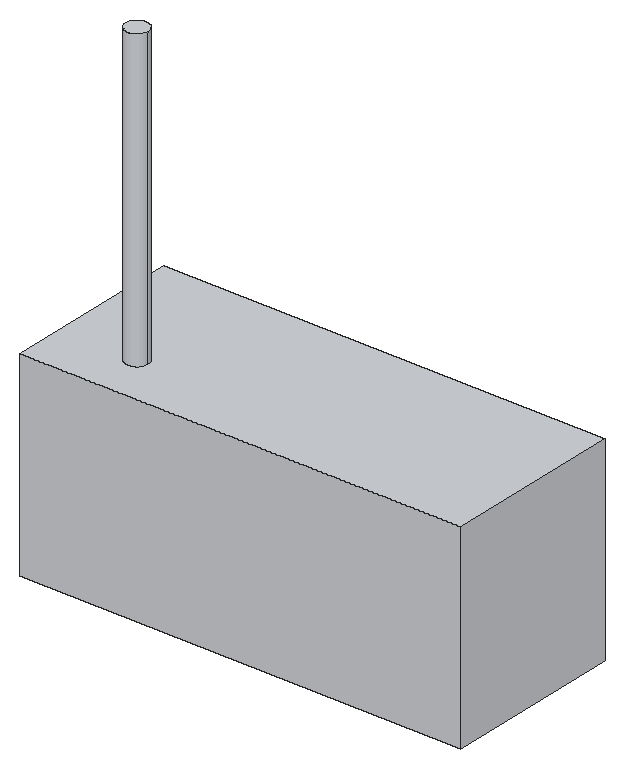
Revit family "93fce804625144e8a0ac0106f3980227", category Site, Revit 2021
Family settings
  Round Connector Dimension = Use Radius
  Part Type = Normal
  Seek Item ID = Condensate Connection-0000-USA-ENU
  Work Plane-Based = No
  Always vertical = Yes
  Cut with Voids When Loaded = No
  Shared = No
Parameters (values of type "160"x65"")
  Width = 5' - 5"
  Tube Radius = 0' - 4"
  Tube Height from Level [instance] = 8' - 4"
  Outlet Radius [instance] = 0' - 4"
  Outlet Diameter [instance] = 2 * Outlet Radius  # 0' - 8"
  Length = 13' - 4"
  Inlet Radius [instance] = 0' - 4"
  Inlet Bottom Offset from Level [instance] = 2' - 8"
  Well Top Offset from Level [instance] = 0' - 8"
  Outlet Bottom Offset from Level [instance] = 2' - 8"
  Inlet Diameter [instance] = 2 * Inlet Radius  # 0' - 8"
  Height = 6' - 0"
Types (5): name | Width | Tube Radius | Outlet Radius | Outlet Diameter | Length | Inlet Radius | Inlet Bottom Offset from Level | Outlet Bottom Offset from Level | Inlet Diameter | Height
  (no name) | 5' - 5" | 0' - 4" | 0' - 4" | 0' - 8" | 13' - 4" | 0' - 4" | 2' - 8" | 2' - 8" | 0' - 8" | 6' - 0"
  160"x65" | 5' - 5" | 0' - 4" | 0' - 4" | 0' - 8" | 13' - 4" | 0' - 4" | 2' - 8" | 2' - 8" | 0' - 8" | 6' - 0"
  185"x75" | 6' - 3" | 0' - 6" | 0' - 6" | 1' - 0" | 15' - 5" | 0' - 6" | 3' - 6" | 3' - 6" | 1' - 0" | 9' - 2"
  194"x94" | 7' - 10" | 0' - 6" | 0' - 8" | 1' - 4" | 16' - 2" | 0' - 8" | 4' - 10" | 4' - 10" | 1' - 4" | 9' - 2"
  254"x94" | 7' - 10" | 0' - 6" | 0' - 8" | 1' - 4" | 21' - 2" | 0' - 8" | 4' - 10" | 4' - 10" | 1' - 4" | 9' - 2"
Reference planes (in)
  plane 1 "Center (Front/Back)": y = 0
  plane 2: z = 0
  plane 3 "Center (Left/Right)": x = 0
  plane 4: z = -28
  plane 5: x = 160
  plane 6: z = -8
  plane 7: z = -80
  plane 8: y = 32.5
  plane 9: y = -32.5
  plane 10: z = -28
  plane 11: z = -32
  plane 12: z = -32
  plane 13: x = 80
  plane 14: y = -14.5
  plane 15: x = 28
  plane 16: z = 100
Forms (in)
  Extrusion 1, solid
    sketch origin (0, 0, 0) x (1, 0, 0) y (0, 0, 1)
      loop
        line (0, -8) -> (0, -80) -> (160, -80) -> (160, -8) -> (0, -8)
    from -32.5 to 32.5
  Extrusion 2, solid
    sketch origin (0, 0, 0) x (0, 1, 0) y (0, 0, 1)
      loop
        circle (0, -28) r 4
    from 0 to 12
  Extrusion 3, solid
    sketch origin (0, 0, 0) x (0, 1, 0) y (0, 0, 1)
      loop
        circle (0, -28) r 4
    from 22.16575 to 160
  Extrusion 4, solid
    sketch origin (0, 0, 0) x (1, 0, 0) y (0, 1, 0)
      loop
        circle (28, -14.5) r 4
    from -8 to 100
Cuts and joins
  joined: Extrusion 1, Extrusion 2, Extrusion 3
Dimensions and locks (in)
  "Length": plane 5 to plane 3 "Center (Left/Right)"
  "Height": plane 6 to plane 7
  equal spacing: plane 9, plane 1 "Center (Front/Back)", plane 8
  "Width": plane 8 to plane 9
  "Well Top Offset from Level": plane 2 to plane 6
  "Inlet Radius": plane 10 to plane 11
  "Outlet Radius": plane 4 to plane 12
  "Inlet Bottom Offset from Level": plane 2 to plane 11
  "Outlet Bottom Offset from Level": plane 2 to plane 12
  equal spacing: plane 3 "Center (Left/Right)", plane 13, plane 5
  locked: plane 14 to plane 9 at 18
  locked: plane 3 "Center (Left/Right)" to plane 15 at 28
  "Tube Height from Level": plane 16 to plane 2
  "Inlet Radius": radius of Extrusion 2 sketch curve
  "Outlet Radius": radius of Extrusion 3 sketch curve
  "Tube Radius": radius of Extrusion 4 sketch curve
  aligned and locked: level to plane 2
  aligned and locked: plane 3 "Center (Left/Right)" to Extrusion 1 sketch curve
  aligned and locked: Extrusion 1 sketch curve to plane 6
  aligned and locked: Extrusion 1 sketch curve to plane 7
  aligned and locked: Extrusion 1 sketch curve to plane 5
  aligned and locked: Extrusion 1 to plane 8
  aligned and locked: Extrusion 1 to plane 9
  aligned and locked: plane 10 to Extrusion 2 sketch curve
  aligned and locked: plane 1 "Center (Front/Back)" to Extrusion 2 sketch curve
  aligned and locked: plane 4 to Extrusion 3 sketch curve
  aligned and locked: plane 1 "Center (Front/Back)" to Extrusion 3 sketch curve
  aligned and locked: Extrusion 2 to plane 3 "Center (Left/Right)"
  aligned and locked: plane 5 to Extrusion 3
  aligned and locked: plane 13 to nested 1
  aligned and locked: plane 1 "Center (Front/Back)" to nested 1
  aligned and locked: plane 15 to Extrusion 4 sketch curve
  aligned and locked: plane 14 to Extrusion 4 sketch curve
  aligned and locked: Extrusion 4 to plane 6
  aligned and locked: plane 16 to Extrusion 4
Nested families (in)
  nested 1: "Symbol" at (80, 0, 0), type "Symbol"
Connectors (in)
  piping at (0, 0, -28), diameter 8, driven by "Inlet Radius"
    settings: on Extrusion 2, index 1, connector inside diameter 8", connector length 0' - 0", flow factor 0, pipe flow 0 GPM, pressure drop 0.00 psi, fitting loss kfactor 0, connector angle 0.00°, fixture units 0, engagement length 0' - 0", angle of deflection 0.00°, flow configuration 0, flow direction 1, fitting loss method 0, system type 29, joint type 0, gender type 0, connector reference index 2, connector utility 0, adjustable connector no, is connector primary yes, connector description "Condensate In"
  piping at (160, 0, -28), diameter 8, driven by "Outlet Radius"
    settings: on Extrusion 3, index 2, connector inside diameter 8", connector length 0' - 0", flow factor 0, pipe flow 0 GPM, pressure drop 0.00 psi, fitting loss kfactor 0, connector angle 0.00°, fixture units 0, engagement length 0' - 0", angle of deflection 0.00°, flow configuration 0, flow direction 2, fitting loss method 0, system type 29, joint type 0, gender type 0, connector reference index 1, connector utility 1, adjustable connector no, is connector primary no, connector description "Condensate Out"
Definition of nested family "Symbol"
  Reference planes (in)
    plane 1: y = 0
    plane 2: x = 0
  Text (in)
    text "Condensate" at (-0.32123, 0.07572, 0)
